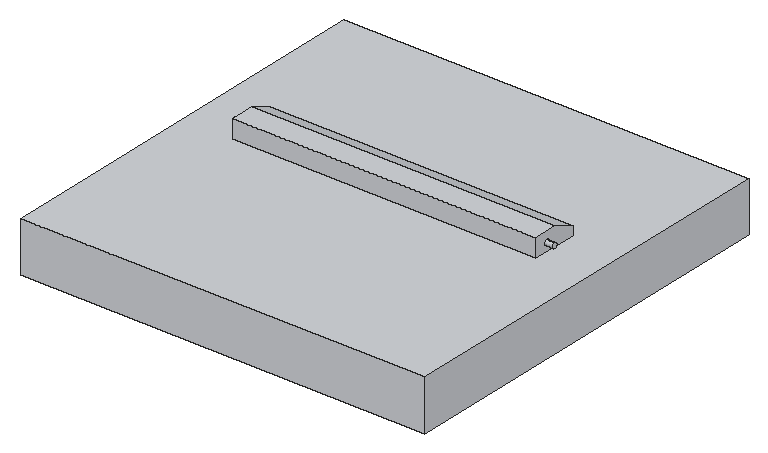
Revit family "M_Radiador - Hospedado", category Equipamento mecânico, Revit 2019
Family settings
  Hospedeiro = Face
  Cota do conector redondo = Usar raio
  Tipo de parte = Normal
  Número OmniClass = 23.75.70.17.11
  Título OmniClass = Radiators
  ID de item do Seek = Radiator - Hosted-0000-CAN-ENU
  Corte com vazios quando carregada = Não
  Compartilhado = Não
  Ponto de cálculo do ambiente = Não
Parameters (values of type "30")
  Queda de pressão [instance] = 0.91 Pa
  Potência [instance] = BtuPerFt * Comprimento / 304.8 mm  # 1600.14 W
  Comprimento [instance] = 1828.8 mm
  Altura = 279.4 mm
  Fluxo [instance] = 16.0 L/s
  Elevação-padrão = 100 mm
  Conector = 15 mm
  BtuPerFt = 266.69 W
  Assembly Code = ""
Types (3, lengths in mm): name | Queda de pressão | Potência | Comprimento | Altura | Fluxo | Elevação-padrão | Conector | BtuPerFt
  20 | 0.92 Pa | 1440.94 W | 1830 | 280 | 14.41 L/s | 100 | 10 | 240 W
  25 | 0.91 Pa | 1529.82 W | 1828.8 | 279.4 | 15.3 L/s | 101.6 | 12.5 | 254.97 W
  30 | 0.91 Pa | 1600.14 W | 1828.8 | 279.4 | 16.0 L/s | 100 | 15 | 266.69 W
Reference planes
  plane 1 "Centro (Frente/Trás)": y = 0
  plane 2: z = 0
  plane 3 "Centro (Esquerda/Direita)": x = 0
  plane 4: y = 76.2
Forms (mm)
  Extrusion 1, solid
    sketch origin (0, 0, 0) x (1, 0, 0) y (0, 1, 0)
      loop
        line (-1219.2, 1219.2) -> (-1219.2, -1219.2) -> (1219.2, -1219.2) -> (1219.2, 1219.2) -> (-1219.2, 1219.2)
    from 0 to -304.8
  Extrusion 2, solid
    sketch origin (0, 63.5, 0) x (0, 1, 0) y (0, 0, 1)
      loop
        line (-63.5, 0) -> (215.9, 0) -> (215.9, 52.387) -> (77.787, 111.125) -> (-63.5, 111.125) -> (-63.5, 0)
    from -914.4 to 914.4
  Extrusion 3, solid
    sketch origin (52.387, 0, 52.387) x (0, 0, 1) y (0, 1, 0)
      loop
        circle (0, 76.2) r 15
    from -912.813 to 1017.587
Cuts and joins
  joined: Extrusion 2, Extrusion 3
Dimensions and locks
  "Altura": Extrusion 2 sketch curve to Extrusion 2 sketch curve
  locked: cut or joined group of Extrusion 2, Extrusion 3 to plane 4 at 76.2
  "Comprimento": Extrusion 2 to Extrusion 2
  locked: Extrusion 3 to Extrusion 2 at 50.8
  locked: Extrusion 2 to Extrusion 3 at 50.8
  equal spacing: Extrusion 2, plane 3 "Centro (Esquerda/Direita)", Extrusion 2
  "Conector": radius of Extrusion 3 sketch curve
  aligned and locked: plane 2 to Extrusion 1
  aligned and locked: level to Extrusion 1
Automatic sketch dimensions
  Extrusion 2 sketch curve to level = 0 mm
  Extrusion 2 sketch curve to plane 1 "Centro (Frente/Trás)" = 0 mm
  Extrusion 2 sketch curve to Extrusion 2 sketch curve = 138.113 mm
  level to Extrusion 2 sketch curve = 52.387 mm
  level to Extrusion 2 sketch curve = 111.125 mm
  Extrusion 3 sketch curve to plane 4 = 0 mm
  level to Extrusion 3 sketch curve = 52.387 mm
  Extrusion 1 sketch curve to Extrusion 1 sketch curve = 2438.4 mm  (x2)
Connectors
  piping at (-965.2, 76.2, 52.387), diameter 30, driven by "Conector", driven by "Fluxo"
    settings: on cut or joined group of Extrusion 2, Extrusion 3, index 0, connector inside diameter 30 mm, connector length 0 mm, flow factor 0, pipe flow 16.0 L/s, pressure drop 0.0 Pa, fitting loss kfactor 0, connector angle 0.00°, fixture units 0, engagement length 0 mm, angle of deflection 0.00°, flow configuration 1, flow direction 1, fitting loss method 0, system type 7, joint type 0, gender type 0, connector reference index 1, connector utility 0, adjustable connector yes, is connector primary yes, connector description "Entrada de água"
  piping at (965.2, 76.2, 52.387), diameter 30, driven by "Conector", driven by "Fluxo", driven by "Queda de pressão"
    settings: on cut or joined group of Extrusion 2, Extrusion 3, index 1, connector inside diameter 30 mm, connector length 0 mm, flow factor 0, pipe flow 16.0 L/s, pressure drop 0.91 Pa, fitting loss kfactor 0, connector angle 0.00°, fixture units 0, engagement length 0 mm, angle of deflection 0.00°, flow configuration 1, flow direction 2, fitting loss method 4, system type 7, joint type 0, gender type 0, connector reference index 0, connector utility 0, adjustable connector yes, is connector primary no, connector description "Saída de água"
